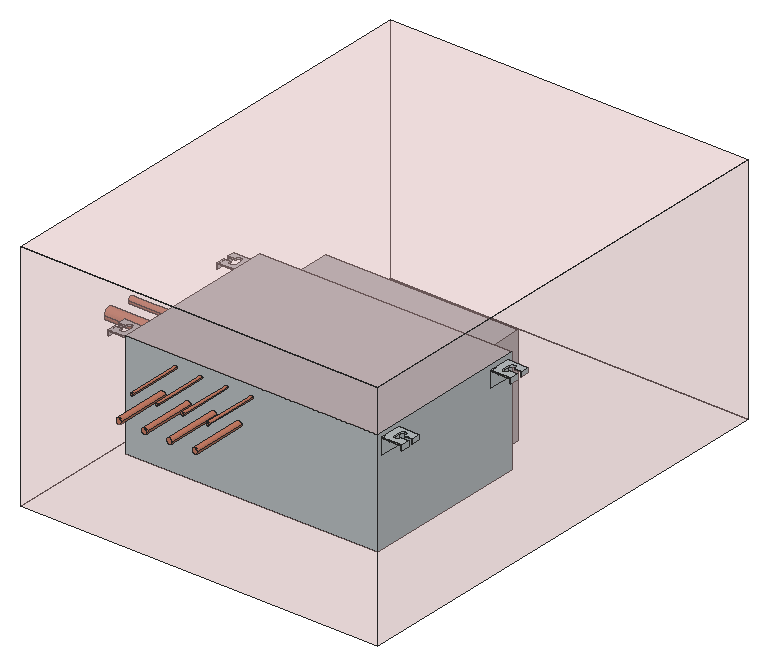
Revit family "CMB-M104V-KB1(-TR)", category 機械設備, Revit 2016
Family settings
  ホスト = 天井
  パーツ タイプ = 標準
  丸型コネクタ寸法 = 半径を使用
  OmniClass 番号 = 23.75.00.00
  OmniClass タイトル = Climate Control (HVAC)
  常に垂直 = はい
  ロード時にボイドで切り取り = いいえ
  共有 = いいえ
  部屋の計算ポイント = いいえ
Parameters (values of type "CMB-M104V-KB1(-TR)_220V_50Hz")
  説明 = "BC controller"
  製造元 = "Mitsubishi Electric Corporation"
  モデル = "CMB-M104V-KB1(-TR)"
  Width = 596.00 mm
  WarrantyStart = ""
  Voltage = 220 V
  Unit Weight (kg) = 23
  URL = "http://www.mitsubishielectric.com/"
  The maximum number of connectable Sub BC controllers = 11
  The maximum connectable capacity of indoor units = "P/M350 for each"
  TagNumber = 0
  Subcategory = "HVAC"
  Space View = yes
  Sound Pressure Level (Rated operation) (dB(A)) = "40"
  Sound Pressure Level (Defrost) (dB(A)) = 53
  Sound Power Level (Rated operation) (dB(A)) = "59"
  Sound Power Level (Defrost) (dB(A)) = 71
  SerialNumber = 0
  ReplacementYear = ""
  Phase = 1
  Number of branch = 4
  InstallationDate = ""
  Hertz = 50 Hz
  Height = 250.00 mm
  Heating Power Input (kW) = 0.03
  Heating Current (A) = 0.14
  External Finish = "Galvanized steel plate\r\n(Lower part drain pan: Pre-coated galvanized sheets + powder coating)"
  Equip_description = ""
  Equip_No. = 0
  Equip_ID = ""
  Drain pipe_radius = 16.00 mm
  Description = ""
  Depth = 476.00 mm
  CreatedOn = ""
  CreatedBy = ""
  Cooling Power Input (kW) = 0.06
  Cooling Current (A) = 0.28
  Connection pipe of other BC controller to P801 to P1000 (Low pressure Pipe)_radius = 20.64 mm
  Connection pipe of other BC controller to P801 to P1000 (Liquid Pipe)_radius = 9.525 mm
  Connection pipe of other BC controller to P801 to P1000 (High pressure Pipe)_radius = 14.29 mm
  Connection pipe of other BC controller to P651 to P800 (Low pressure Pipe)_radius = 17.465 mm
  Connection pipe of other BC controller to P651 to P800 (Liquid Pipe)_radius = 9.525 mm
  Connection pipe of other BC controller to P651 to P800 (High pressure Pipe)_radius = 14.29 mm
  Connection pipe of other BC controller to P601 to P650 (Low pressure Pipe)_radius = 14.29 mm
  Connection pipe of other BC controller to P601 to P650 (Liquid Pipe)_radius = 7.94 mm
  Connection pipe of other BC controller to P601 to P650 (High pressure Pipe)_radius = 14.29 mm
  Connection pipe of other BC controller to P401 to P600 (Low pressure Pipe)_radius = 14.29 mm
  Connection pipe of other BC controller to P401 to P600 (Liquid Pipe)_radius = 7.94 mm
  Connection pipe of other BC controller to P401 to P600 (High pressure Pipe)_radius = 11.10 mm
  Connection pipe of other BC controller to P351 to P400 (Low pressure Pipe)_radius = 14.29 mm
  Connection pipe of other BC controller to P351 to P400 (Liquid Pipe)_radius = 6.35 mm
  Connection pipe of other BC controller to P351 to P400 (High pressure Pipe)_radius = 11.10 mm
  Connection pipe of other BC controller to P301 to P350 (Low pressure Pipe)_radius = 14.29 mm
  Connection pipe of other BC controller to P301 to P350 (Liquid Pipe)_radius = 6.35 mm
  Connection pipe of other BC controller to P301 to P350 (High pressure Pipe)_radius = 9.525 mm
  Connection pipe of other BC controller to P201 to P300 (Low pressure Pipe)_radius = 11.10 mm
  Connection pipe of other BC controller to P201 to P300 (Liquid Pipe)_radius = 4.76 mm
  Connection pipe of other BC controller to P201 to P300 (High pressure Pipe)_radius = 9.525 mm
  Connection pipe of other BC controller to P200/M200 (Low pressure Pipe)_radius = 9.525 mm
  Connection pipe of other BC controller to P200/M200 (Liquid Pipe)_radius = 4.76 mm
  Connection pipe of other BC controller to P200/M200 (High pressure Pipe)_radius = 7.94 mm
  Connection pipe of other BC controller to P1001 ot above (High pressure Pipe)_radius = 17.465 mm
  Connection pipe of other BC controller to P1001 or above (Low pressure Pipe)_radius = 20.64 mm
  Connection pipe of other BC controller to P1001 or above (Liquid Pipe)_radius = 9.525 mm
  Connection pipe of other BC controller to M401 to M450 (Low pressure Pipe)_radius = 14.29 mm
  Connection pipe of other BC controller to M401 to M450 (Liquid Pipe)_radius = 7.94 mm
  Connection pipe of other BC controller to M401 to M450 (High pressure Pipe)_radius = 9.525 mm
  Connection pipe of other BC controller to M351 to M400 (Low pressure Pipe)_radius = 14.29 mm
  Connection pipe of other BC controller to M351 to M400 (Liquid Pipe)_radius = 6.35 mm
  Connection pipe of other BC controller to M351 to M400 (High pressure Pipe)_radius = 9.525 mm
  Connection pipe of other BC controller to M301 to M350 (Low pressure Pipe)_radius = 14.29 mm
  Connection pipe of other BC controller to M301 to M350 (Liquid Pipe)_radius = 6.35 mm
  Connection pipe of other BC controller to M301 to M350 (High pressure Pipe)_radius = 7.94 mm
  Connection pipe of other BC controller to M201 to M300 (Low pressure Pipe)_radius = 11.10 mm
  Connection pipe of other BC controller to M201 to M300 (Liquid Pipe)_radius = 4.76 mm
  Connection pipe of other BC controller to M201 to M300 (High pressure Pipe)_radius = 7.94 mm
  Connection pipe of indoor unit (Liquid Pipe)_radius (O.D.) = "Indoor unit Model 50 or smaller 3.175 Brazed\r\nbigger than 50 4.76 Brazed"
  Connection pipe of indoor unit (Gas Pipe)_radius (O.D.) = "Indoor unit Model 50 or smaller 6.35 Brazed\r\nbigger than 50 7.94 Brazed\r\n(9.525, 11.1 with optional joint pipe used.)"
  Connectable Main BC controller = "CMB-M108/1012/1016V-JA1(-TR), CMB-P1016V-KA1(-TR)"
  Category = ""
  Barcode = ""
  AssetIdentifier = ""
Types (6, lengths in mm): name | Voltage | Hertz | Heating Power Input (kW) | Heating Current (A) | Cooling Power Input (kW) | Cooling Current (A)
  CMB-M104V-KB1(-TR)_220V_50Hz | 220 V | 50 Hz | 0.03 | 0.14 | 0.06 | 0.28
  CMB-M104V-KB1(-TR)_220V_60Hz | 220 V | 60 Hz | 0.024 | 0.11 | 0.048 | 0.22
  CMB-M104V-KB1(-TR)_230V_50Hz | 230 V | 50 Hz | 0.034 | 0.15 | 0.068 | 0.3
  CMB-M104V-KB1(-TR)_230V_60Hz | 230 V | 60 Hz | 0.027 | 0.12 | 0.054 | 0.24
  CMB-M104V-KB1(-TR)_240V_50Hz | 240 V | 50 Hz | 0.038 | 0.16 | 0.076 | 0.32
  CMB-M104V-KB1(-TR)_240V_60Hz | 240 V | 60 Hz | 0.03 | 0.13 | 0.06 | 0.25
Reference planes
  plane 1 "Center (Front/Back)": y = 0
  plane 2: z = 0
  plane 3 "Center (Left/Right)": x = 0
  plane 4 "Ceiling": z = 0
  plane 5: x = 18.001
  plane 6: x = -1461.999
  plane 7: y = 963.043
  plane 8: y = 1625.043
  plane 9: y = 1625.043
  plane 10: y = 1625.043
  plane 11: y = 225.043
  plane 12: y = -424.957
  plane 13: y = -271.474
  plane 14: y = 199
  plane 15: y = -199
  plane 16: x = -298
  plane 17: x = 298
  plane 18: z = 450.005
  plane 19: z = 200.005
Forms (mm)
  Extrusion 1, solid, material "Plated steel"
    sketch origin (-719.999, 26, 4152.985) x (-1, 0, 0) y (0, -1, 0)
      loop
        line (-1017.999, 225) -> (-1017.999, -173) -> (-421.999, -173) -> (-421.999, 225) -> (-1017.999, 225)
    from -3952.98 to -3702.98
  Extrusion 2, solid, material "Plated steel"
    sketch origin (609.8, 1.043, 4123.43) x (-1, 0, 0) y (0, 0, 1)
      loop
        line (813.903, -3678.196) -> (359.8, -3678.196) -> (359.8, -3913.425) -> (813.903, -3913.425) -> (813.903, -3678.196)
    from 197.957 to 275.957
  Extrusion 3, solid, material "Service space", visible <- "Space View"
    sketch origin (0.001, 0.043, 4120) x (1, 0, 0) y (0, 1, 0)
      loop
        line (297.999, -199.043) -> (297.999, 898.957) -> (-548.001, 898.957) -> (-548.001, -199.043) -> (297.999, -199.043)
    from -4120 to -3570
  Extrusion 4, solid, material "Copper"
    sketch origin (5463.716, -199, 4149.796) x (-1, 0, 0) y (0, 0, -1)
      loop
        circle (5643.716, 3724.791) r 3.175
    from 0 to 130
  Extrusion 5, solid, material "Copper"
    sketch origin (5523.716, -199, 4149.796) x (-1, 0, 0) y (0, 0, -1)
      loop
        circle (5643.716, 3724.791) r 3.175
    from 0 to 130
  Extrusion 6, solid, material "Copper"
    sketch origin (5583.716, -199, 4149.796) x (-1, 0, 0) y (0, 0, -1)
      loop
        circle (5643.716, 3724.791) r 3.175
    from 0 to 130
  Extrusion 7, solid, material "Copper"
    sketch origin (5643.716, -199, 4149.796) x (-1, 0, 0) y (0, 0, -1)
      loop
        circle (5643.716, 3724.791) r 3.175
    from 0 to 130
  Extrusion 8, solid, material "Copper"
    sketch origin (5463.716, -199, 4149.796) x (-1, 0, 0) y (0, 0, -1)
      loop
        circle (5673.716, 3792.791) r 6.35
    from 0 to 130
  Extrusion 9, solid, material "Copper"
    sketch origin (5523.716, -199, 4149.796) x (-1, 0, 0) y (0, 0, -1)
      loop
        circle (5673.716, 3792.791) r 6.35
    from 0 to 130
  Extrusion 10, solid, material "Copper"
    sketch origin (5583.716, -199, 4149.796) x (-1, 0, 0) y (0, 0, -1)
      loop
        circle (5673.716, 3792.791) r 6.35
    from 0 to 130
  Extrusion 11, solid, material "Copper"
    sketch origin (5643.716, -199, 4149.796) x (-1, 0, 0) y (0, 0, -1)
      loop
        circle (5673.716, 3792.791) r 6.35
    from 0 to 130
  Extrusion 12, solid, material "Copper"
    sketch origin (-298, 251, 4152.985) x (0, -1, 0) y (0, 0, 1)
      loop
        circle (349, -3740.98) r 14.29
    from 0 to 120
  Extrusion 13, solid, material "Copper"
    sketch origin (-298, 251, 4152.985) x (0, -1, 0) y (0, 0, 1)
      loop
        circle (183, -3823.98) r 9.525
    from 0 to 89
  Extrusion 14, solid
    sketch origin (-298, 251, 4152.985) x (0, -1, 0) y (0, 0, 1)
      loop
        circle (251, -3923.98) r 16
    from 0 to 20
  Extrusion 15, solid, material "Copper"
    sketch origin (-298, 251, 4152.985) x (0, -1, 0) y (0, 0, 1)
      loop
        circle (284, -3740.98) r 7.94
    from 0 to 120
Lines and regions (mm)
  model lines, visible <- "Space View"
    curve 1: line (-225, 899, 0) -> (225, 899, 0)
    curve 2: line (225, 899, 0) -> (225, 449, 0)
    curve 3: line (225, 449, 0) -> (-225, 449, 0)
    curve 4: line (-225, 449, 0) -> (-225, 899, 0)
    curve 5: line (225, 899, 0) -> (-225, 449, 0)
    curve 6: line (-225, 899, 0) -> (225, 449, 0)
Dimensions and locks
  equal spacing: host sketch curve, plane 3 "Center (Left/Right)", host sketch curve
  equal spacing: host sketch curve, plane 1 "Center (Front/Back)", host sketch curve
  host sketch curve to host sketch curve = 4000.00 mm  (x2)
  locked: plane 4 "Ceiling" to host ceiling at 0
  Extrusion 1 sketch curve to Extrusion 1 sketch curve = 596.00 mm  (x2)
  Extrusion 1 sketch curve to Extrusion 1 sketch curve = 398.00 mm
  Extrusion 1 to plane 3 "Center (Left/Right)" = 298.00 mm
  Extrusion 1 to Extrusion 1 = 596.00 mm
  Extrusion 1 to plane 1 "Center (Front/Back)" = 199.00 mm
  Extrusion 2 to Extrusion 2 = 78.00 mm
  Extrusion 1 to Extrusion 4 sketch curve = 118.00 mm
  Extrusion 1 to Extrusion 8 sketch curve = 88.00 mm
  Extrusion 12 sketch curve to Extrusion 1 = 101.00 mm
  Extrusion 1 to Extrusion 12 sketch curve = 38.00 mm
  Extrusion 13 sketch curve to Extrusion 1 = 267.00 mm
  Extrusion 1 to Extrusion 13 sketch curve = 121.00 mm
  Extrusion 14 sketch curve to Extrusion 1 = 199.00 mm
  Extrusion 1 to nested 1 = 35.00 mm
  nested 2 to nested 1 = 323.00 mm
  Extrusion 1 to Extrusion 3 = 99.995 mm
  Extrusion 3 to Extrusion 1 = 200.005 mm
  Extrusion 3 to Extrusion 1 = 250.00 mm
  Extrusion 3 sketch curve to Extrusion 1 = 250.00 mm
  Extrusion 3 to Extrusion 1 = 700.00 mm
  Extrusion 3 to Extrusion 1 = 398.00 mm
  Extrusion 1 to Extrusion 3 = 596.00 mm
  nested 3 to nested 1 = 648.00 mm
  Extrusion 1 to Extrusion 1 = 250.00 mm
  Extrusion 1 to level = 200.005 mm
  Extrusion 3 to Extrusion 1 = 99.995 mm
  Extrusion 1 to Extrusion 14 = 221.00 mm
  Extrusion 1 to Extrusion 14 sketch curve = 221.00 mm
  plane 1 "Center (Front/Back)" to Extrusion 3 = 199.00 mm
  Extrusion 1 to Extrusion 13 = 121.00 mm
  Extrusion 14 to plane 16 = 20.00 mm
  Extrusion 1 to nested 3 = 11.00 mm
  Extrusion 12 to plane 16 = 120.00 mm
  Extrusion 13 to Extrusion 1 = 89.00 mm
  Extrusion 15 sketch curve to Extrusion 1 = 166.00 mm
  Extrusion 1 to Extrusion 15 sketch curve = 38.00 mm
  diameter of Extrusion 4 sketch curve = 6.35 mm
  diameter of Extrusion 5 sketch curve = 6.35 mm
  diameter of Extrusion 6 sketch curve = 6.35 mm
  diameter of Extrusion 7 sketch curve = 6.35 mm
  diameter of Extrusion 8 sketch curve = 12.70 mm
  diameter of Extrusion 9 sketch curve = 12.70 mm
  diameter of Extrusion 10 sketch curve = 12.70 mm
  diameter of Extrusion 11 sketch curve = 12.70 mm
  diameter of Extrusion 12 sketch curve = 28.58 mm
  diameter of Extrusion 13 sketch curve = 19.05 mm
  diameter of Extrusion 14 sketch curve = 32.00 mm
  diameter of Extrusion 12 = 28.58 mm
  diameter of Extrusion 13 = 19.05 mm
  diameter of Extrusion 14 = 32.00 mm
  diameter of Extrusion 15 sketch curve = 15.88 mm
  aligned and locked: Extrusion 2 to Extrusion 1
Nested families
  nested 1: "Leg" at (325, -164, 441.305) x (0, 1, 0) z (0, 0, 1), type "Leg"
  nested 2: "Leg" at (325, 159, 441.305) x (0, 1, 0) z (0, 0, 1), type "Leg"
  nested 3: "Leg" at (-325, -164, 441.305) x (0, 1, 0) z (0, 0, 1), type "Leg"
  nested 4: "Leg" at (-325, 159, 441.305) x (0, 1, 0) z (0, 0, 1), type "Leg"
Connectors
  piping at (-180, -329, 425.005), diameter 6.36
    settings: on Extrusion 4, index 1, connector inside diameter 609.6 mm, connector length 0.00 mm, flow factor 0, pipe flow 0.0 L/s, pressure drop 0.0 Pa, fitting loss kfactor 0, connector angle 0.00°, fixture units 0, engagement length 0.00 mm, angle of deflection 0.00°, flow configuration 0, flow direction 0, fitting loss method 0, system type 22, joint type 0, gender type 0, connector reference index -1, connector utility 0, adjustable connector no, is connector primary yes, connector description "indoor unit (Liquid)"
  piping at (-120, -329, 425.005), diameter 6.36
    settings: on Extrusion 5, index 2, connector inside diameter 609.6 mm, connector length 0.00 mm, flow factor 0, pipe flow 0.0 L/s, pressure drop 0.0 Pa, fitting loss kfactor 0, connector angle 0.00°, fixture units 0, engagement length 0.00 mm, angle of deflection 0.00°, flow configuration 0, flow direction 0, fitting loss method 0, system type 22, joint type 0, gender type 0, connector reference index -1, connector utility 0, adjustable connector no, is connector primary no, connector description "indoor unit (Liquid)"
  piping at (-60, -329, 425.005), diameter 6.36
    settings: on Extrusion 6, index 3, connector inside diameter 609.6 mm, connector length 0.00 mm, flow factor 0, pipe flow 0.0 L/s, pressure drop 0.0 Pa, fitting loss kfactor 0, connector angle 0.00°, fixture units 0, engagement length 0.00 mm, angle of deflection 0.00°, flow configuration 0, flow direction 0, fitting loss method 0, system type 22, joint type 0, gender type 0, connector reference index -1, connector utility 0, adjustable connector no, is connector primary no, connector description "indoor unit (Liquid)"
  piping at (0, -329, 425.005), diameter 6.36
    settings: on Extrusion 7, index 4, connector inside diameter 609.6 mm, connector length 0.00 mm, flow factor 0, pipe flow 0.0 L/s, pressure drop 0.0 Pa, fitting loss kfactor 0, connector angle 0.00°, fixture units 0, engagement length 0.00 mm, angle of deflection 0.00°, flow configuration 0, flow direction 0, fitting loss method 0, system type 22, joint type 0, gender type 0, connector reference index -1, connector utility 0, adjustable connector no, is connector primary no, connector description "indoor unit (Liquid)"
  piping at (-210, -329, 357.005), diameter 12.7
    settings: on Extrusion 8, index 9, connector inside diameter 609.6 mm, connector length 0.00 mm, flow factor 0, pipe flow 0.0 L/s, pressure drop 0.0 Pa, fitting loss kfactor 0, connector angle 0.00°, fixture units 0, engagement length 0.00 mm, angle of deflection 0.00°, flow configuration 0, flow direction 0, fitting loss method 0, system type 22, joint type 0, gender type 0, connector reference index -1, connector utility 0, adjustable connector no, is connector primary no, connector description "indoor unit (Gas)"
  piping at (-150, -329, 357.005), diameter 12.7
    settings: on Extrusion 9, index 10, connector inside diameter 609.6 mm, connector length 0.00 mm, flow factor 0, pipe flow 0.0 L/s, pressure drop 0.0 Pa, fitting loss kfactor 0, connector angle 0.00°, fixture units 0, engagement length 0.00 mm, angle of deflection 0.00°, flow configuration 0, flow direction 0, fitting loss method 0, system type 22, joint type 0, gender type 0, connector reference index -1, connector utility 0, adjustable connector no, is connector primary no, connector description "indoor unit (Gas)"
  piping at (-90, -329, 357.005), diameter 12.7
    settings: on Extrusion 10, index 11, connector inside diameter 609.6 mm, connector length 0.00 mm, flow factor 0, pipe flow 0.0 L/s, pressure drop 0.0 Pa, fitting loss kfactor 0, connector angle 0.00°, fixture units 0, engagement length 0.00 mm, angle of deflection 0.00°, flow configuration 0, flow direction 0, fitting loss method 0, system type 22, joint type 0, gender type 0, connector reference index -1, connector utility 0, adjustable connector no, is connector primary no, connector description "indoor unit (Gas)"
  piping at (-30, -329, 357.005), diameter 12.7
    settings: on Extrusion 11, index 12, connector inside diameter 609.6 mm, connector length 0.00 mm, flow factor 0, pipe flow 0.0 L/s, pressure drop 0.0 Pa, fitting loss kfactor 0, connector angle 0.00°, fixture units 0, engagement length 0.00 mm, angle of deflection 0.00°, flow configuration 0, flow direction 0, fitting loss method 0, system type 22, joint type 0, gender type 0, connector reference index -1, connector utility 0, adjustable connector no, is connector primary no, connector description "indoor unit (Gas)"
  piping at (-418, -98, 412.005), diameter 28.58
    settings: on Extrusion 12, index 17, connector inside diameter 609.6 mm, connector length 0.00 mm, flow factor 0, pipe flow 0.0 L/s, pressure drop 0.0 Pa, fitting loss kfactor 0, connector angle 0.00°, fixture units 0, engagement length 0.00 mm, angle of deflection 0.00°, flow configuration 0, flow direction 0, fitting loss method 0, system type 22, joint type 0, gender type 0, connector reference index -1, connector utility 0, adjustable connector no, is connector primary no, connector description "MAIN BC CONTROLLER(Low pressure)"
  piping at (-387, 68, 329.005), diameter 19.06
    settings: on Extrusion 13, index 19, connector inside diameter 609.6 mm, connector length 0.00 mm, flow factor 0, pipe flow 0.0 L/s, pressure drop 0.0 Pa, fitting loss kfactor 0, connector angle 0.00°, fixture units 0, engagement length 0.00 mm, angle of deflection 0.00°, flow configuration 0, flow direction 0, fitting loss method 0, system type 22, joint type 0, gender type 0, connector reference index -1, connector utility 0, adjustable connector no, is connector primary no, connector description "MAIN BC CONTROLLER(High pressure)"
  piping at (-318, 0, 229.005), diameter 32
    settings: on Extrusion 14, index 20, connector inside diameter 609.6 mm, connector length 0.00 mm, flow factor 0, pipe flow 0.0 L/s, pressure drop 0.0 Pa, fitting loss kfactor 0, connector angle 0.00°, fixture units 0, engagement length 0.00 mm, angle of deflection 0.00°, flow configuration 0, flow direction 2, fitting loss method 0, system type 22, joint type 0, gender type 0, connector reference index -1, connector utility 0, adjustable connector no, is connector primary no, connector description "Drain"
  electrical at (250, 238, 327.62), driven by "Phase", driven by "Voltage"
    settings: on Extrusion 2, index 21, voltage 220 V, apparent load 0 VA, apparent load phase1 0 VA, apparent load phase2 0 VA, apparent load phase3 0 VA, power factor 1, load classification "その他", number of poles 1, system type 30, power factor state 1, is connector primary yes, connector utility no, sub classification motor no, connector description ""
  piping at (-418, -33, 412.005), diameter 15.88
    settings: on Extrusion 15, index 22, connector inside diameter 609.6 mm, connector length 0.00 mm, flow factor 0, pipe flow 0.0 L/s, pressure drop 0.0 Pa, fitting loss kfactor 0, connector angle 0.00°, fixture units 0, engagement length 0.00 mm, angle of deflection 0.00°, flow configuration 0, flow direction 0, fitting loss method 0, system type 22, joint type 0, gender type 0, connector reference index -1, connector utility 0, adjustable connector no, is connector primary no, connector description "MAIN BC CONTROLLER(Liquid)"
Definition of nested family "Leg"
  Parameters (values of type "Leg")
    Assembly Code = ""
    W = 50.00 mm
    H = 43.00 mm
    D = 60.00 mm
  Reference planes
    plane 1: z = 0
    plane 2 "中心(左/右)": x = 0
    plane 3: x = -6
    plane 4: x = 6
    plane 5: x = 25
    plane 6: x = -25
    plane 7: y = -23
    plane 8: y = 27
    plane 9: y = 8
    plane 10: y = -6
    plane 11: y = 37
    plane 12: y = -20.7
    plane 13: y = 24.7
    plane 14: z = -12
    plane 15: z = -40.7
    plane 16: z = -2.3
    plane 17: x = -15
    plane 18: x = 15
    plane 19: x = 8
    plane 20: x = -8
    plane 21: z = -20
    plane 22: z = -38
    plane 23: x = 10
    plane 24: x = -10
    plane 25: y = 1
  Forms (mm)
    Extrusion 1, solid
      sketch origin (0, 0, 0) x (1, 0, 0) y (0, 1, 0)
        loop
          line (-25, -23) -> (25, -23) -> (25, 37) -> (-25, 37) -> (-25, -23)
      from 0 to -43
    Extrusion 2, void
      sketch origin (-25, -7, 0) x (0, 1, 0) y (0, 0, 1)
        loop
          line (44, 0) -> (34, 0) -> (34, -43) -> (44, -43) -> (44, 0)
        loop
          line (31.7, -2.3) -> (-13.7, -2.3) -> (-13.7, -12) -> (-16, -12) -> (-16, -43) -> (31.7, -43) -> (31.7, -2.3)
      from 0 to 50
    Extrusion 3, void
      sketch origin (-25, -23, 0) x (-1, 0, 0) y (0, 0, 1)
        loop
          line (-19, 0) -> (-31, 0) -> (-31, -12) -> (-19, -12) -> (-19, 0)
      from 0 to 2.3
    Extrusion 4, void
      sketch origin (0, 0, 0) x (1, 0, 0) y (0, 1, 0)
        loop
          arc (-8, 8) -> (-15, 1) -> (-8, -6) r 7
          line (-8, -6) -> (-6, -6) -> (-6, -20.7) -> (6, -20.7) -> (6, -6) -> (8, -6)
          arc (8, -6) -> (15, 1) -> (8, 8) r 7
          line (8, 8) -> (-8, 8)
      from 0 to -2.3
    Extrusion 5, void
      sketch origin (0, 0, 0) x (1, 0, 0) y (0, 0, 1)
        loop
          circle (0, -20) r 3.5
      from -27 to -24.7
    Extrusion 6, void
      sketch origin (25, 37, 0) x (1, 0, 0) y (0, 0, 1)
        loop
          line (0, -38) -> (-50, -38) -> (-50, -43) -> (0, -43) -> (0, -38)
      from 0 to 12.3
  Cuts and joins
    Extrusion 2, Extrusion 3, Extrusion 4, Extrusion 5, Extrusion 6 cuts Extrusion 1
  Dimensions and locks
    equal spacing: plane 6, plane 2 "中心(左/右)", plane 5
    "W": plane 6 to plane 5
    "D": plane 7 to plane 11
    aligned and locked: level to plane 1
    aligned and locked: Extrusion 5 to Extrusion 2
  Automatic sketch dimensions
    Extrusion 1 sketch curve to plane 6 = 0.00 mm
    Extrusion 1 sketch curve to plane 5 = 0.00 mm
    plane 7 to Extrusion 1 sketch curve = 0.00 mm
    plane 11 to Extrusion 1 sketch curve = 0.00 mm
    Extrusion 3 sketch curve to Extrusion 1 = 0.00 mm
    Extrusion 1 to Extrusion 3 sketch curve = 19.00 mm
    Extrusion 3 sketch curve to Extrusion 3 sketch curve = 12.00 mm
    Extrusion 1 to Extrusion 3 sketch curve = 12.00 mm
    plane 9 to Extrusion 4 sketch curve = 0.00 mm
    Extrusion 4 sketch curve to plane 20 = 0.00 mm
    Extrusion 4 sketch curve to plane 3 = 0.00 mm
    Extrusion 4 sketch curve to plane 4 = 0.00 mm
    plane 10 to Extrusion 4 sketch curve = 0.00 mm  (x2)
    Extrusion 4 sketch curve to plane 19 = 0.00 mm
    Extrusion 4 sketch curve to plane 12 = 0.00 mm
    Extrusion 5 sketch curve to plane 2 "中心(左/右)" = 0.00 mm
    Extrusion 5 sketch curve to plane 21 = 0.00 mm
    Extrusion 6 sketch curve to Extrusion 1 = 0.00 mm  (x2)
    Extrusion 1 to Extrusion 6 sketch curve = 50.00 mm
    Extrusion 1 to Extrusion 6 sketch curve = 5.00 mm
    Extrusion 2 sketch curve to Extrusion 1 = 0.00 mm  (x3)
    Extrusion 1 to Extrusion 2 sketch curve = 0.00 mm  (x2)
    Extrusion 1 to Extrusion 2 sketch curve = 2.30 mm
    Extrusion 2 sketch curve to Extrusion 1 = 12.30 mm
    Extrusion 2 sketch curve to Extrusion 2 sketch curve = 2.30 mm
    Extrusion 2 sketch curve to Extrusion 1 = 12.00 mm
    Extrusion 2 sketch curve to Extrusion 1 = 2.30 mm
    radius of Extrusion 5 sketch curve = 3.50 mm
